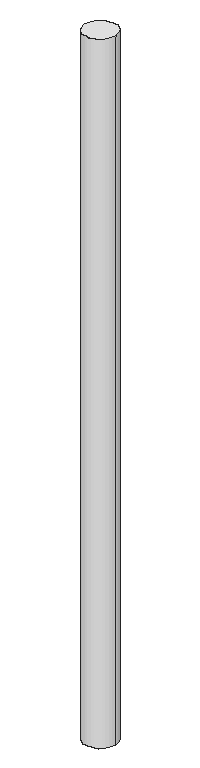
Revit family "圆钢柱", category Structural Columns, Revit 2015
Parameters (values of type "圆形 - 120")
  W = 0.87063
  Structural Material [instance] = 金属 - 钢 - 345 MPa
  R = d / 2  # 60 mm
  Assembly Code = ""
  d = 120 mm
  A = 0.011 m²
Reference planes
  plane 1: y = 0
  plane 2: z = 0
  plane 3: x = 0
  plane 4: x = -60
  plane 5: x = 60
  plane 6: y = 60
  plane 7: y = -60
Forms (mm)
  Extrusion 1, solid, material "金属 - 钢 - 345 MPa" <- "Structural Material", detail levels medium+fine
    sketch origin (0, 0, 0) x (1, 0, 0) y (0, 1, 0)
      loop
        circle (0, 0) r 60
    from 0 to 2500
Lines and regions (mm)
  symbolic lines, detail levels coarse
    curve 1: circle (0, 0, 0) r 60 normal (0, 0, 1)
Dimensions and locks
  equal spacing: plane 4, plane 3, plane 5
  equal spacing: plane 7, plane 1, plane 6
  "d": plane 7 to plane 6
  "d": plane 4 to plane 5
  "R": radius of Extrusion 1 sketch curve
  "R": radius of curve 1
  aligned and locked: level to plane 2
  aligned and locked: level to Extrusion 1
  aligned and locked: Extrusion 1 to level
  aligned and locked: plane 1 to curve 1
  aligned and locked: plane 3 to curve 1
  aligned and locked: plane 1 to Extrusion 1 sketch curve
  aligned and locked: plane 3 to Extrusion 1 sketch curve
